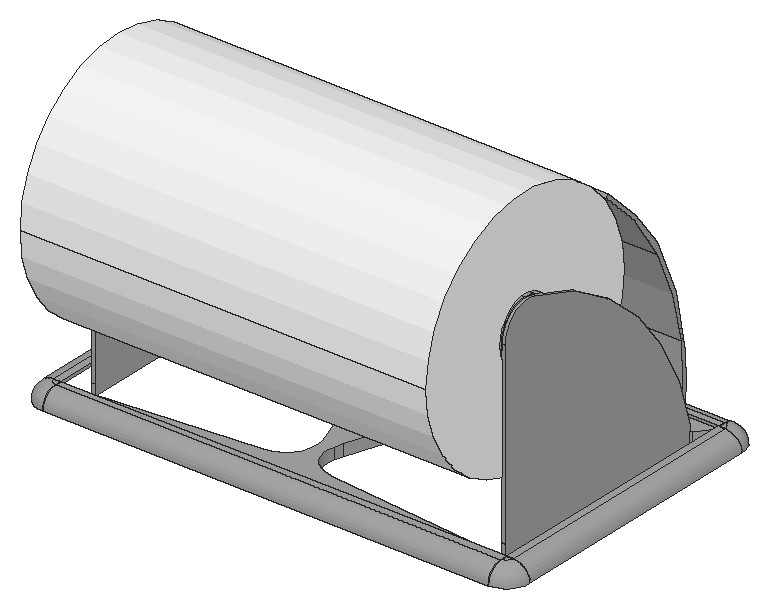
Revit family "Distributeur", category Furniture, host Face, Revit 2020
Family settings
  Host = Face
  Cut with Voids When Loaded = No
  Shared = No
  Room Calculation Point = No
Parameters
  m = Finish - CH
  URL = "http://www.pellet-asc.fr/"
  Type Comments = "Confort, Securite et Hygiene"
  Telephone = "04.78.96.82.20"
  Model = "003511 Distributeur papier WC en laiton nickelchrom- 152 96 68 mm avec rouleau bois18 mm "
  Material 1 [instance] = Pellet ASC Aluminium White
  Manufacturer = "Pellet ASC"
  Fax. = "04.78.96.70.52"
  Description = "Fabricant Français d'Accessoires Sanitaires pour Collectivites, PELLET ASC a developpe des gammes specialisees pour ameliorer le Confort et la Securite de \r\r\nla salle de bain au quotidien."
  Default Elevation = 100 cm
  BIM object by Polantis = "http://www.polantis.com/"
  Adresse = "ZI de Chapotin BP 6 69970 Chaponnay FRANCE"
Reference planes (cm)
  plane 1 "Center (Front/Back)": y = 0
  plane 2: z = 0
  plane 3 "Center (Left/Right)": x = 0
Forms (cm)
  Revolve 1, solid, material "Finish - CH" <- "m"
    sketch origin (-6.9258, -4.9964, 5.8084) x (0, 0, -1) y (0, 1, 0)
      loop
        arc (5.8084, 11.4908) -> (5.4551, 11.3443) -> (5.3088, 10.9909) r 0.4999
        line (5.3088, 10.9909) -> (5.3088, 10.7797) -> (5.4087, 10.7797) -> (5.4087, 11.0205)
        arc (5.4087, 11.0205) -> (5.5381, 11.2816) -> (5.8084, 11.3908) r 0.41
        line (5.8084, 11.3908) -> (5.8084, 11.4908)
      axis (5.3088, 10.7797) -> (5.8084, 10.7797)
    angle from 0 to 90
  Revolve 2, solid, material "Finish - CH" <- "m"
    sketch origin (-6.9258, 8.3894, 5.8084) x (0, 0, -1) y (0, 1, 0)
      loop
        line (5.8084, -11.4908) -> (5.8084, -11.3908)
        arc (5.8084, -11.3908) -> (5.5381, -11.2816) -> (5.4087, -11.0205) r 0.41
        line (5.4087, -11.0205) -> (5.4087, -10.7797) -> (5.3088, -10.7797) -> (5.3088, -10.9909)
        arc (5.3088, -10.9909) -> (5.4551, -11.3443) -> (5.8084, -11.4908) r 0.4999
      axis (5.3088, -10.7797) -> (5.8084, -10.7797)
    angle from 0 to 90
  Revolve 3, solid, material "Finish - CH" <- "m"
    sketch origin (6.8022, -4.9964, 5.8084) x (0, 0, -1) y (0, -1, 0)
      loop
        line (5.8084, -11.4908) -> (5.8084, -11.3908)
        arc (5.8084, -11.3908) -> (5.5381, -11.2816) -> (5.4087, -11.0205) r 0.41
        line (5.4087, -11.0205) -> (5.4087, -10.7797) -> (5.3088, -10.7797) -> (5.3088, -10.9909)
        arc (5.3088, -10.9909) -> (5.4551, -11.3443) -> (5.8084, -11.4908) r 0.4999
      axis (5.3088, -10.7797) -> (5.8084, -10.7797)
    angle from 0 to 90
  Revolve 4, solid, material "Finish - CH" <- "m"
    sketch origin (6.8022, 8.3894, 5.8084) x (0, 0, -1) y (0, -1, 0)
      loop
        arc (5.8084, 11.4908) -> (5.4551, 11.3443) -> (5.3088, 10.9909) r 0.4999
        line (5.3088, 10.9909) -> (5.3088, 10.7797) -> (5.4087, 10.7797) -> (5.4087, 11.0205)
        arc (5.4087, 11.0205) -> (5.5381, 11.2816) -> (5.8084, 11.3908) r 0.41
        line (5.8084, 11.3908) -> (5.8084, 11.4908)
      axis (5.3088, 10.7797) -> (5.8084, 10.7797)
    angle from 0 to 90
  Extrusion 5, solid, material "Finish - CH" <- "m"
    sketch origin (0, -4.9964, 5.8084) x (1, 0, 0) y (0, 0, -1)
      loop
        line (-7.5369, 5.8084) -> (-7.6369, 5.8084)
        arc (-7.6369, 5.8084) -> (-7.4904, 5.4551) -> (-7.137, 5.3088) r 0.4999
        line (-7.137, 5.3088) -> (-6.9258, 5.3088) -> (-6.9258, 5.4087) -> (-7.1665, 5.4087)
        arc (-7.1665, 5.4087) -> (-7.4277, 5.5381) -> (-7.5369, 5.8084) r 0.41
      loop
        line (7.0429, 5.4087) -> (6.8132, 5.4087) -> (6.8132, 5.3088) -> (7.0134, 5.3088)
        arc (7.0134, 5.3088) -> (7.3667, 5.4551) -> (7.5133, 5.8084) r 0.4999
        line (7.5133, 5.8084) -> (7.4132, 5.8084)
        arc (7.4132, 5.8084) -> (7.304, 5.5381) -> (7.0429, 5.4087) r 0.41
    from 2.6058 to 10.7801
  Extrusion 6, solid, material "Finish - CH" <- "m"
    sketch origin (0, -4.9964, 5.8084) x (0, 0, -1) y (0, 1, 0)
      loop
        arc (5.8084, 11.4908) -> (5.4551, 11.3443) -> (5.3088, 10.9909) r 0.4999
        line (5.3088, 10.9909) -> (5.3088, 10.7807) -> (5.4071, 10.7807) -> (5.4071, 10.9947)
        arc (5.4071, 10.9947) -> (5.5288, 11.2727) -> (5.8084, 11.3908) r 0.41
        line (5.8084, 11.3908) -> (5.8084, 11.4908)
      loop
        line (5.4087, 2.6058) -> (5.3088, 2.6058) -> (5.3088, 2.3949)
        arc (5.3088, 2.3949) -> (5.4551, 2.0415) -> (5.8084, 1.895) r 0.4999
        line (5.8084, 1.895) -> (5.8084, 1.995)
        arc (5.8084, 1.995) -> (5.5381, 2.1042) -> (5.4087, 2.3653) r 0.41
        line (5.4087, 2.3653) -> (5.4087, 2.6058)
    from -6.9258 to 6.8022
  Extrusion 7, solid, material "Finish - CH" <- "m"
    sketch origin (0, -4.9964, 5.8084) x (1, 0, 0) y (0, 1, 0)
      loop
        arc (1.0236, 3.1435) -> (0.3141, 3.4951) -> (0.151, 4.27) r 0.9072
        arc (0.151, 4.27) -> (0.171, 4.4028) -> (0.2022, 4.5334) r 1.577
        arc (0.2022, 4.5334) -> (0.5363, 5.4801) -> (0.9852, 6.378) r 8.0845
        arc (0.9852, 6.378) -> (2.1364, 7.9025) -> (3.6198, 9.1062) r 7.9045
        arc (3.6198, 9.1062) -> (4.9659, 9.7991) -> (6.41, 10.2535) r 8.8912
        line (6.41, 10.2535) -> (6.7951, 10.7807) -> (-6.9299, 10.7807) -> (-5.4826, 9.9539)
        arc (-5.4826, 9.9539) -> (-3.2222, 8.7576) -> (-1.4375, 6.9257) r 8.239
        arc (-1.4375, 6.9257) -> (-0.7836, 5.7752) -> (-0.3226, 4.5347) r 8.232
        arc (-0.3226, 4.5347) -> (-0.2378, 4.1102) -> (-0.3226, 3.6857) r 1.1048
        arc (-0.3226, 3.6857) -> (-0.6551, 3.3118) -> (-1.1264, 3.1435) r 1.0091
        line (-1.1264, 3.1435) -> (-6.9355, 2.6058) -> (6.692, 2.6058) -> (1.0236, 3.1435)
      loop
        circle (-2.5532, 9.0945) r 0.5845
      loop
        circle (2.4522, 9.0945) r 0.5845
    from -5.7288 to -5.3769
  Extrusion 8, solid, material "Finish - CH" <- "m"
    sketch origin (0, -4.9964, 5.8084) x (0, 0, -1) y (0, 1, 0)
      loop
        line (5.7288, 10.2535) -> (5.2097, 10.2535)
        arc (5.2097, 10.2535) -> (2.5047, 9.1427) -> (0.3638, 7.1508) r 8.173
        arc (0.3638, 7.1508) -> (-0.4352, 5.8145) -> (-0.9452, 4.3434) r 7.5999
        arc (-0.9452, 4.3434) -> (-0.8181, 3.5384) -> (-0.0931, 3.1661) r 0.9
        line (-0.0931, 3.1661) -> (5.4087, 3.1661) -> (5.7288, 3.1661) -> (5.7288, 10.2535)
    from -6.4249 to -6.3019
  Extrusion 9, solid, material "Finish - CH" <- "m"
    sketch origin (0, -4.9964, 5.8084) x (0, 0, -1) y (0, -1, 0)
      loop
        line (5.7288, -10.2535) -> (5.7288, -3.1661) -> (5.4087, -3.1661) -> (-0.0931, -3.1661)
        arc (-0.0931, -3.1661) -> (-0.8181, -3.5384) -> (-0.9452, -4.3434) r 0.9
        arc (-0.9452, -4.3434) -> (-0.4352, -5.8145) -> (0.3638, -7.1508) r 7.5999
        arc (0.3638, -7.1508) -> (2.5047, -9.1427) -> (5.2097, -10.2535) r 8.173
        line (5.2097, -10.2535) -> (5.7288, -10.2535)
    from -6.3228 to -6.2005
  Extrusion 10, solid, material "Finish - CH" <- "m"
    sketch origin (0, -4.9964, 5.8084) x (0, 0, -1) y (0, 1, 0)
      loop
        circle (-0.0931, 4.0666) r 0.9004
    from -6.3019 to 6.2005
  Extrusion 11, solid, material "Finish - CH" <- "m"
    sketch origin (0, -4.9964, 5.8084) x (0, 0, -1) y (0, 1, 0)
      loop
        line (4.6605, 9.9752) -> (4.9662, 9.8048)
        arc (4.9662, 9.8048) -> (5.2531, 9.9412) -> (5.0301, 10.1675) r 0.1949
        arc (5.0301, 10.1675) -> (4.1235, 10.2598) -> (3.2126, 10.231) r 6.8613
        arc (3.2126, 10.231) -> (1.4113, 9.8628) -> (-0.2757, 9.132) r 8.8891
        arc (-0.2757, 9.132) -> (-1.4169, 8.284) -> (-2.4153, 7.2718) r 9.2848
        line (-2.4153, 7.2718) -> (-2.329, 7.2006)
        arc (-2.329, 7.2006) -> (-1.2144, 8.314) -> (0.0934, 9.1923) r 8.159
        arc (0.0934, 9.1923) -> (1.446, 9.7713) -> (2.8806, 10.0979) r 8.159
        arc (2.8806, 10.0979) -> (3.9782, 10.1617) -> (5.0729, 10.0596) r 7.2861
        arc (5.0729, 10.0596) -> (5.1519, 9.9425) -> (5.0209, 9.8896) r 0.0909
        line (5.0209, 9.8896) -> (4.7091, 10.0625) -> (4.6605, 9.9752)
    from -6.3019 to 6.2005
  Extrusion 12, solid, material "Toilet Paper Roll"
    sketch origin (0, 0, 0) x (0, 1, 0) y (0, 0, 1)
      loop
        circle (-0.9298, 5.901) r 1
      loop
        circle (-0.9298, 5.901) r 3.8
    from -6.3019 to 6.2005
Dimensions and locks (cm)
  aligned and locked: plane 2 to host face
  aligned and locked: level to host face
